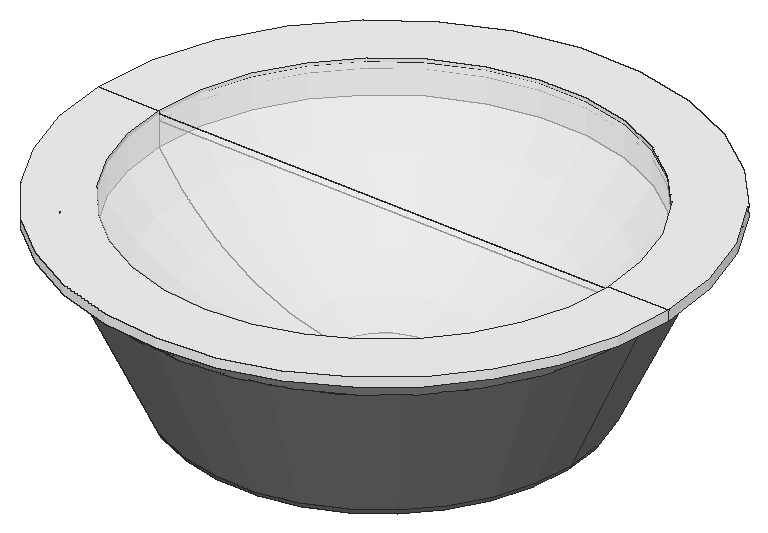
Revit family "0030302", category Lighting Fixtures, host Face, Revit 2016
Family settings
  Host = Face
  Part Type = Normal
  Round Connector Dimension = Use Diameter
  OmniClass Number = 23.80.70.00
  OmniClass Title = Lighting
  Cut with Voids When Loaded = No
  Light Source = Yes
  Shared = No
  Room Calculation Point = No
Parameters (values of type "0030302 Insaver Slim UGR19 IP44 175 1500lm 830")
  WidthBezel_SYL = if(Size1_SYL, 20 mm, if(Size2_SYL, 20 mm, if(Size3PIR_SYL, 30 mm, if(Size4_SYL, 20 mm, 20 mm))))  # 20 mm
  Weight = "6.72 kg"
  Wattage Comments = ""
  Wattage = 13 W
  WarrantyStartDate [instance] = "n/a"
  WarrantyGuarantorParts = "n/a"
  WarrantyDurationUnit = "n/a"
  WarrantyDurationParts = "n/a"
  WarrantyDescription = "n/a"
  built-in parameter 1150110 = 1 (stored number, unit not read)
  Voltage = 230 V
  VisibilityPIR_SYL = Size3PIR_SYL  # no
  URL = "http://www.sylvania-lighting.com"
  TypeName = "Insaver Slim UGR19 IP44 175 1500lm 830"
  Type Image = <None>
  Type Comments = "n/a"
  built-in parameter 1114217 = 1 (stored number, unit not read)
  Tilt Angle = -90.00°
  built-in parameter 1150109 = 1 (stored number, unit not read)
  built-in parameter 1150134 = (empty or 0)
  built-in parameter 1150113 = 1 (stored number, unit not read)
  Size4_SYL = no
  Size3PIR_SYL = no
  Size2_SYL = yes
  Size1_SYL = no
  SerialNumber [instance] = "n/a"
  RadiusTop_SYL = 6 mm
  RadiusReflector_SYL = if(Size1_SYL, 85 mm, if(Size2_SYL, 85 mm, if(Size3PIR_SYL, 85 mm, if(Size4_SYL, 100 mm, 120 mm))))  # 85 mm
  Photometric Web File = "0030302.ies"
  Material_3_FEILO = Top-Sylvania-STARTDownlight
  PowerFactor = 0.9
  PowerConsumption = "13 W"
  NominalLength = 195 mm
  NominalHeight = 60 mm
  NominalDepth = 195 mm
  Name = "Insaver Slim UGR19 IP44 175 1500lm 830"
  ModelReference = Name  # "Insaver Slim UGR19 IP44 175 1500lm 830"
  ModelNumber = "0030302"
  Model = Name  # "Insaver Slim UGR19 IP44 175 1500lm 830"
  Material = "aluminium housing, na diffuser"
  ManufacturerName = "Feilo Sylvania"
  Manufacturer = "Feilo Sylvania"
  LuminousEfficacy = "115 lm/W"
  built-in parameter 1150105 = 118.97 (stored number, unit not read)
  Lumens = 1495 lm
  LuminaireType = ""
  built-in parameter 1150115 = 1 (stored number, unit not read)
  LightOutputRatio = "n/a"
  built-in parameter 1150137 = (empty or 0)
  built-in parameter 1150139 = (empty or 0)
  LampsType = Lamp  # "LED"
  LampNominalLuminous = "1500 lm"
  LampMacAdamStep = "5"
  LampColourTemperature = "3000 K"
  LampColourRenderingIndex = "80"
  built-in parameter 1150112 = 1 (stored number, unit not read)
  built-in parameter 1150114 = 1 (stored number, unit not read)
  Lamp = "LED"
  Keynote = "16500"
  InstallationDate [instance] = "n/a"
  InputVoltage = "AC 220-240 V"
  InputNominalFrequency = "50/60 Hz"
  built-in parameter 1150132 = (empty or 0)
  built-in parameter 1150102 = (empty or 0)
  built-in parameter 1150107 = 3000 (stored number, unit not read)
  built-in parameter 1150138 = (empty or 0)
  IngressProtection = "IP40/20"
  ImpactProtectionIndex = "IK07"
  built-in parameter 1150106 = 1.1897 (stored number, unit not read)
  IfcExportType = "IfcLightFixtureType"
  IfcExportAs = "IfcLightFixtureType"
  Height_SYL = if(Size1_SYL, 61 mm, if(Size2_SYL, 61 mm, if(Size3PIR_SYL, 61 mm, if(Size4_SYL, 61 mm, 60 mm))))  # 61 mm
  HeightBezel_SYL = if(Size1_SYL, 3 mm, if(Size2_SYL, 3 mm, if(Size3PIR_SYL, 3 mm, if(Size4_SYL, 3.2 mm, 3 mm))))  # 3 mm
  ExpectedLife = 50000
  Emit from Circle Diameter = Diameter_SYL - 40 mm  # 150 mm
  Emit Shape Visible in Rendering = no
  ElectricShockClassification = "Class II"
  built-in parameter 1150104 = 10.684 (stored number, unit not read)
  DurationUnit = "hours"
  DocumentationLiterature = "http://www.sylvania-lighting.com/product/en-int/products/0030302"
  DimmingControlOptions = "n/a"
  Material_2_FEILO = Diffuser-Sylvania-STARTDownlight
  Dimming Lamp Color Temperature Shift = <None>
  Diameter_SYL = if(Size1_SYL, 165 mm, if(Size2_SYL, 190 mm, if(Size3PIR_SYL, 211 mm, if(Size4_SYL, 220 mm, 240 mm))))  # 190 mm
  DiameterTop_SYL = if(Size1_SYL, 98 mm, if(Size2_SYL, 122 mm, if(Size3PIR_SYL, 120 mm, if(Size4_SYL, 135 mm, 158 mm))))  # 122 mm
  DiameterTopBase_SYL = DiameterRecess_SYL  # 170 mm
  DiameterRecess_SYL = if(Size1_SYL, 150 mm, if(Size2_SYL, 170 mm, if(Size3PIR_SYL, 186 mm, if(Size4_SYL, 200 mm, 225 mm))))  # 170 mm
  Description = ""
  Default Elevation = 1219.2 mm
  CreatedOn = "3/18/2019"
  CreatedBy = "@sylvania-lighting.com"
  Cost = 0
  Color Filter = 16777215
  built-in parameter 1114216 [instance] = (empty or 0)
  ClassificationValue = "EF_70_80"
  ClassificationName = "Uniclass2015"
  Material_1_FEILO = Trim-Sylvania-STARTDownlight-White
  BarCode [instance] = "n/a"
  built-in parameter 1114218 = 1 (stored number, unit not read)
  built-in parameter 1150133 = 10 (stored number, unit not read)
  AssetType = "Fixed"
  AssetIdentifier [instance] = "n/a"
  Assembly Code = "D5020200"
  Apparent Load = 13 VA
  Material_4_FEILO = LED-Sylvania-STARTDownlight
Types (2, lengths in mm): name | Wattage | Photometric Web File | PowerConsumption | LuminousEfficacy | built-in parameter 1150105 | Lumens | LampNominalLuminous | built-in parameter 1150106 | built-in parameter 1150104 | Apparent Load
  0030302 Insaver Slim UGR19 IP44 175 1500lm 830 | 13 W | "0030302.ies" | "13 W" | "115 lm/W" | 118.97 (stored number, unit not read) | 1495 lm | "1500 lm" | 1.1897 (stored number, unit not read) | 10.684 (stored number, unit not read) | 13 VA
  0030302 Insaver Slim UGR19 IP44 175 1500lm 830 Emergency mode | 16 W | "0030302EM.ies" | "16 W" | "23.8 lm/W" | 247.65 (stored number, unit not read) | 380.8 lm | "446 lm" | 2.4765 (stored number, unit not read) | 2.2111 (stored number, unit not read) | 16 VA
Reference planes
  plane 1 "Center (Front/Back)": y = 0
  plane 2: z = 0
  plane 3 "Center (Left/Right)": x = 0
  plane 4: x = 95
  plane 5: x = -95
  plane 6: z = 3
  plane 7: z = -8
  plane 8: z = -58
  plane 9: x = -85
  plane 10: x = 85
  plane 11: x = -61
  plane 12: x = 61
  plane 13: z = -85
  plane 14: x = -75
  plane 15: z = 2
  plane 16: z = -46
  plane 17: x = -16
  plane 18: x = -80
  plane 19: x = -81.5
  plane 20: x = -99.5
  plane 21: x = -89
  plane 22: z = 5.5
  plane 23: z = 8.7
  plane 24: x = -88
  plane 25: z = 13.7
Forms (mm)
  Revolve 1, void
    sketch origin (0, 0, 0) x (1, 0, 0) y (0, 0, 1)
      loop
        line (0, 0) -> (-85, 0) -> (-85, -85) -> (0, -85) -> (0, 0)
      axis (0, 0) -> (0, -85)
    angle from 360 to 0
  Revolve 2, solid, material "Trim-Sylvania-STARTDownlight-White" <- "Material_1_FEILO"
    sketch origin (0, 0, 0) x (1, 0, 0) y (0, 0, 1)
      loop
        line (-75, 3) -> (-95, 3) -> (-95, 0) -> (-85, 0) -> (-85, -8) -> (-62.681, -54.768)
        arc (-62.681, -54.768) -> (-60.471, -57.129) -> (-57.357, -58) r 6
        line (-57.357, -58) -> (0, -58) -> (0, -46) -> (-16, -46)
        arc (-16, -46) -> (-49.605, -33.373) -> (-75, -8) r 85
        line (-75, -8) -> (-75, 3)
      axis (0, 3) -> (0, -58)
    angle from 360 to 0
  Revolve 3, solid, material "Diffuser-Sylvania-STARTDownlight" <- "Material_2_FEILO"
    sketch origin (0, 0, 0) x (1, 0, 0) y (0, 0, 1)
      loop
        line (-75, 0) -> (0, 0) -> (0, 2) -> (-75, 2) -> (-75, 0)
      axis (0, 2) -> (0, 0)
    angle from 360 to 0
  Revolve 4, solid, material "Trim-Sylvania-STARTDownlight-White" <- "Material_1_FEILO", visible <- "VisibilityPIR_SYL"
    sketch origin (0, 0, 0) x (1, 0, 0) y (0, 0, 1)
      loop
        line (-80, 3) -> (-80, 13.7)
        arc (-80, 13.7) -> (-84.717, 12.347) -> (-88, 8.7) r 8.9
        line (-88, 8.7) -> (-88, 5.5) -> (-89, 5.5) -> (-89, 3) -> (-80, 3)
      axis (-80, 13.7) -> (-80, 3)
    angle from 360 to 0
Dimensions and locks
  equal spacing: plane 4, plane 3 "Center (Left/Right)", plane 5
  "Diameter_SYL": plane 4 to plane 5
  equal spacing: plane 10, plane 3 "Center (Left/Right)", plane 9
  equal spacing: plane 12, plane 3 "Center (Left/Right)", plane 11
  "DiameterTop_SYL": plane 12 to plane 11
  "HeightBezel_SYL": plane 6 to plane 2
  "Height_SYL": plane 6 to plane 8
  locked: plane 2 to plane 7 at 8
  locked: plane 2 to plane 13 at 85
  "WidthBezel_SYL": plane 14 to plane 5
  locked: plane 6 to plane 15 at 1
  "DiameterRecess_SYL": plane 10 to plane 9
  locked: plane 3 "Center (Left/Right)" to plane 17 at 16
  locked: plane 16 to plane 8 at 12
  locked: plane 18 to plane 21 at 9
  locked: plane 22 to plane 6 at 2.5
  locked: plane 23 to plane 22 at 3.2
  locked: plane 18 to plane 24 at 8
  locked: plane 25 to plane 23 at 5
  locked: plane 25 to Revolve 4 sketch curve at 8.9
  locked: plane 18 to plane 5 at 15
  "RadiusReflector_SYL": radius of Revolve 2 sketch curve
  "RadiusTop_SYL": radius of Revolve 2 sketch curve
  aligned and locked: plane 2 to host face
  aligned and locked: level to host face
  aligned and locked: Revolve 1 sketch curve to plane 3 "Center (Left/Right)"
  aligned and locked: plane 3 "Center (Left/Right)" to Revolve 1 sketch curve
  aligned and locked: Revolve 1 sketch curve to plane 9
  aligned and locked: plane 13 to Revolve 1 sketch curve
  aligned and locked: plane 3 "Center (Left/Right)" to imposter light
  aligned and locked: imposter light to plane 15
  aligned and locked: imposter light to plane 1 "Center (Front/Back)"
  aligned and locked: Revolve 2 sketch curve to plane 3 "Center (Left/Right)"
  aligned and locked: Revolve 2 sketch curve to plane 6
  aligned and locked: Revolve 2 sketch curve to plane 5
  aligned and locked: Revolve 2 sketch curve to level
  aligned and locked: plane 7 to Revolve 2 sketch curve  (x2)
  aligned and locked: Revolve 2 sketch curve to plane 9
  aligned and locked: plane 8 to Revolve 2 sketch curve
  aligned and locked: Revolve 2 sketch curve to plane 14
  aligned and locked: plane 3 "Center (Left/Right)" to Revolve 2 sketch curve
  aligned and locked: Revolve 2 sketch curve to plane 16
  aligned and locked: Revolve 3 sketch curve to plane 3 "Center (Left/Right)"
  aligned and locked: Revolve 3 sketch curve to level
  aligned and locked: imposter light to Revolve 3 sketch curve  (x2)
  aligned and locked: Revolve 4 sketch curve to plane 18  (x2)
  aligned and locked: Revolve 4 sketch curve to plane 6
  aligned and locked: plane 22 to Revolve 4 sketch curve
  aligned and locked: plane 24 to Revolve 4 sketch curve
  aligned and locked: Revolve 4 sketch curve to Revolve 4 sketch curve
  aligned and locked: plane 21 to Revolve 4 sketch curve
Automatic sketch dimensions
  host sketch curve to host sketch curve = 2438.4 mm  (x2)
  plane 13 to Revolve 1 sketch curve = 524.6 mm
  Revolve 1 sketch curve to plane 6 = 2606.058 mm
  Revolve 1 sketch curve to level = 0 mm
  Revolve 2 sketch curve to plane 17 = 0 mm
  Revolve 2 sketch curve to plane 11 = 1.681 mm
  plane 11 to Revolve 2 sketch curve = 3.643 mm
  plane 13 to Revolve 2 sketch curve = 524.6 mm
  Revolve 2 sketch curve to Revolve 2 sketch curve = 2577.983 mm
  Revolve 3 sketch curve to plane 14 = 0 mm
  plane 13 to Revolve 3 sketch curve = 524.6 mm
  Revolve 3 sketch curve to plane 6 = 2606.058 mm
  Revolve 4 sketch curve to plane 23 = 0 mm
  plane 13 to Revolve 4 sketch curve = 524.6 mm
  Revolve 4 sketch curve to Revolve 4 sketch curve = 2595.358 mm
Connectors
  electrical at (0, 0, 0), driven by "Apparent Load", driven by "PowerFactor", driven by "Voltage"
    settings: index 1, voltage 230 V, apparent load 13 VA, apparent load phase1 0 VA, apparent load phase2 0 VA, apparent load phase3 0 VA, power factor 0.9, load classification "Lighting", number of poles 1, system type 30, power factor state 1, is connector primary yes, connector utility no, sub classification motor no, connector description ""
